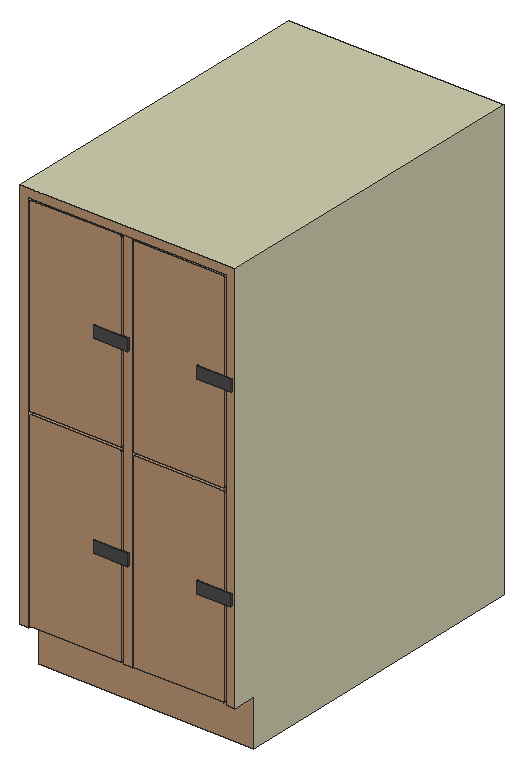
Revit family "Cabinet_Wenger_UltraStor_60", category Furniture, Revit 2015
Parameters (values of type "UltraStor Cabinet #60 - Comp Wood Doors")
  URL = "https://www.wengercorp.com/"
  Type Comments = ""
  Specification = "http://www.arcat.com/sdspecs/htm04/12_35_83wen.htm"
  Shelf Thickness = 0' - 1 1/8"
  Sales Information = "https://www.wengercorp.com/contact-us.php"
  Revision = "R1_2018-04"
  Rear Panel Thickness = 0' - 0 3/4"
  Product Data = "http://www.arcat.com/arcatcos/cos36/arc36487.html"
  Manufacturer Website = "https://www.wengercorp.com/"
  Manufacturer Phone - Toll Free = "800-4WENGER"
  Manufacturer Phone = "(507) 455-4100"
  Manufacturer Fax = "(507) 455-4258"
  Manufacturer Address = "555 Park Dr., Owatonna, MN 55060"
  Keynote = "12 35 83"
  HasDoors = yes
  Green Building-LEED = "http://www.arcat.com/green/clients/leed_data_36487.html"
  Drawn By = "Sumex Design, Inc. / Robert S. Weygant, CSI, CDT, SCIP"
  Door Width = (Cabinet Width - 0' 2 1/4") / 2  # 0' - 8 1/4"
  Door Style = Door_Base : Solid Door
  Door Material [instance] = Wenger Cherry (Use Cherry Edge Band Only)
  Door Height = (Cabinet Height - 0' 4 3/4") / 2  # 1' - 4 25/32"
  Toe Kick Material [instance] = Wenger Cherry (Use Cherry Edge Band Only)
  RH End Panel [instance] = no
  Model = "#60"
  Manufacturer = "Wenger Corporation"
  LH End Panel [instance] = no
  End Panel Material [instance] = Wenger Cherry (Use Cherry Edge Band Only)
  Edge Banding Material [instance] = Wenger Cherry (Use Cherry Edge Band Only)
  Cost = 0
  Copyright = "© 2018 Arcat Inc."
  Construction Details = "http://www.arcat.com/details/wengerco/wengerco.html?coid=36487"
  Body Material [instance] = Wenger - Oyster
  Description = "Wenger UltraStor Cabinet #60 - Comp Wood Doors"
  Cabinet Width = 1' - 6 3/4"
  Cabinet Height = 3' - 2 5/16"
  Installed Depth = 2' - 5 1/4"
  Cabinet Panel Thickness = 0' - 0 3/4"
  Assembly Code = "E2010200"
Types (14): name | Rear Panel Thickness | HasDoors | Door Width | Door Style | Door Material | Model | Description | Cabinet Width | Installed Depth
  Acoustic Cabinet #60 - No Doors | 0' - 3 1/4" | no | 0' - 8 1/4" | Door_Base : Solid Door | none | "#60A" | "Wenger Acoustic Cabinet #60 - No Doors" | 1' - 6 3/4" | 2' - 7 3/4"
  Narrow Acoustic Cabinet #60 - No Doors | 0' - 3 1/4" | no | 0' - 6 1/4" | Door_Base : Solid Door | none | "#60NA" | "Wenger Narrow Acoustic Cabinet #60 - No Doors" | 1' - 2 3/4" | 2' - 7 3/4"
  Acoustic Cabinet #60 - Comp Grille Doors | 0' - 3 1/4" | yes | 0' - 8 1/4" | Door_Base : Bars | Painted Black | "#60A" | "Wenger Acoustic Cabinet #60 - Comp Grille Doors" | 1' - 6 3/4" | 2' - 7 3/4"
  Narrow Acoustic Cabinet #60 - Comp Waterfall Grille Doors | 0' - 3 1/4" | yes | 0' - 6 1/4" | Door_Base : Waterfall | Painted Black | "#60NA" | "Wenger Narrow Acoustic Cabinet #60 - Comp Waterfall Grille Doors" | 1' - 2 3/4" | 2' - 7 3/4"
  Narrow Acoustic Cabinet #60 - Comp Grille Doors | 0' - 3 1/4" | yes | 0' - 6 1/4" | Door_Base : Bars | Painted Black | "#60NA" | "Wenger Narrow Acoustic Cabinet #60 - Comp Grille Doors" | 1' - 2 3/4" | 2' - 7 3/4"
  Acoustic Cabinet #60 - Comp Waterfall Grille Doors | 0' - 3 1/4" | yes | 0' - 8 1/4" | Door_Base : Waterfall | Painted Black | "#60A" | "Wenger Acoustic Cabinet #60 - Comp Waterfall Grille Doors" | 1' - 6 3/4" | 2' - 7 3/4"
  Narrow UltraStor Cabinet #60 - Comp Grille Doors | 0' - 0 3/4" | yes | 0' - 6 1/4" | Door_Base : Bars | Painted Black | "#60N" | "Wenger Narrow Cabinet #60 - Comp Grille Doors" | 1' - 2 3/4" | 2' - 5 1/4"
  UltraStor Cabinet #60 - Comp Grille Doors | 0' - 0 3/4" | yes | 0' - 8 1/4" | Door_Base : Bars | Painted Black | "#60" | "Wenger UltraStor Cabinet #60 - Comp Grille Doors" | 1' - 6 3/4" | 2' - 5 1/4"
  Narrow UltraStor Cabinet #60 - Comp Wood Doors | 0' - 0 3/4" | yes | 0' - 6 1/4" | Door_Base : Solid Door | Wenger Cherry (Use Cherry Edge Band Only) | "#60N" | "Wenger Narrow Cabinet #60 - Comp Wood Doors" | 1' - 2 3/4" | 2' - 5 1/4"
  UltraStor Cabinet #60 - Comp Waterfall Grille Doors | 0' - 0 3/4" | yes | 0' - 8 1/4" | Door_Base : Waterfall | Painted Black | "#60" | "Wenger UltraStor Cabinet #60 - Comp Waterfall Grille Doors" | 1' - 6 3/4" | 2' - 5 1/4"
  UltraStor Cabinet #60 - No Doors | 0' - 0 3/4" | no | 0' - 8 1/4" | Door_Base : Solid Door | none | "#60" | "Wenger UltraStor Cabinet #60 - No Doors" | 1' - 6 3/4" | 2' - 5 1/4"
  UltraStor Cabinet #60 - Comp Wood Doors | 0' - 0 3/4" | yes | 0' - 8 1/4" | Door_Base : Solid Door | Wenger Cherry (Use Cherry Edge Band Only) | "#60" | "Wenger UltraStor Cabinet #60 - Comp Wood Doors" | 1' - 6 3/4" | 2' - 5 1/4"
  Narrow UltraStor Cabinet #60 - Comp Waterfall Grille Doors | 0' - 0 3/4" | yes | 0' - 6 1/4" | Door_Base : Waterfall | Painted Black | "#60N" | "Wenger Narrow Cabinet #60 - Comp Waterfall Grille Doors" | 1' - 2 3/4" | 2' - 5 1/4"
  Narrow UltraStor Cabinet #60 - No Doors | 0' - 0 3/4" | no | 0' - 6 1/4" | Door_Base : Solid Door | none | "#60N" | "Wenger Narrow Cabinet #60 - No Doors" | 1' - 2 3/4" | 2' - 5 1/4"
Reference planes (in)
  plane 1 "Front": y = 0
  plane 2: z = 0
  plane 3 "Left": x = 0
  plane 4 "Right": x = 18.75
  plane 5 "Back": y = 29.25
  plane 6 "Top": z = 38.3125
  plane 7: z = 4
  plane 8: z = 20.78125
  plane 9: x = 0.75
  plane 10: x = 18
  plane 11: z = 37.5625
  plane 12: x = 9
  plane 13: x = 9.75
  plane 14: y = 28.5
  plane 15: y = 2
  plane 16: y = 0.75
  plane 17: z = 21.90625
  plane 18: z = 5.125
Forms (in)
  Extrusion 1, solid, material "Wenger - Oyster" <- "Body Material"
    sketch origin (0, 0, 0) x (0, 1, 0) y (0, 0, 1)
      loop
        line (0, 38.3125) -> (0, 4) -> (2, 4) -> (2, 0) -> (29.25, 0) -> (29.25, 38.3125) -> (0, 38.3125)
    from 0 to 18.75
  Extrusion 2, void
    sketch origin (0, 0, 0) x (0, 1, 0) y (0, 0, 1)
      loop
        line (-5.5, 37.5625) -> (-5.5, 4) -> (0.75, 4)
        arc (0.75, 4) -> (1.15915, 4.80234) -> (2, 5.125) r 1.25694
        line (2, 5.125) -> (28.5, 5.125) -> (28.5, 20.78125) -> (0.75, 20.78125)
        arc (0.75, 20.78125) -> (1.18296, 21.55713) -> (2, 21.90625) r 1.375
        line (2, 21.90625) -> (28.5, 21.90625) -> (28.5, 37.5625) -> (-5.5, 37.5625)
    from 0.75 to 9
  Extrusion 3, void
    sketch origin (0, 0, 0) x (0, 1, 0) y (0, 0, 1)
      loop
        line (-5.5, 37.5625) -> (-5.5, 4) -> (0.75, 4)
        arc (0.75, 4) -> (1.18296, 4.77588) -> (2, 5.125) r 1.375
        line (2, 5.125) -> (28.5, 5.125) -> (28.5, 20.78125) -> (0.75, 20.78125)
        arc (0.75, 20.78125) -> (1.18296, 21.55713) -> (2, 21.90625) r 1.375
        line (2, 21.90625) -> (28.5, 21.90625) -> (28.5, 37.5625) -> (-5.5, 37.5625)
    from 9.75 to 18
  Extrusion 4, void
    sketch origin (0, 0, 0) x (0, 1, 0) y (0, 0, 1)
      loop
        line (0, 37.5625) -> (0, 4) -> (0.0625, 4) -> (0.0625, 37.5625) -> (0, 37.5625)
    from 0.75 to 18
Cuts and joins
  Extrusion 2, Extrusion 3, Extrusion 4 cuts Extrusion 1
Lines and regions (in)
  Masking region 1
    outline origin (0, 0, 0) x (1, 0, 0) y (0, 1, 0)
      loop
        line (0, 29.25) -> (0, 0) -> (18.75, 0) -> (18.75, 29.25) -> (0, 29.25)
Dimensions and locks (in)
  "Cabinet Panel Thickness": plane 3 "Left" to plane 9
  "Cabinet Panel Thickness": plane 10 to plane 4 "Right"
  "Cabinet Panel Thickness": plane 5 "Back" to plane 14
  locked: plane 1 "Front" to plane 16 at 0.75
  locked: plane 1 "Front" to plane 15 at 2
  "Shelf Thickness": plane 17 to plane 8
  "Cabinet Panel Thickness": plane 6 "Top" to plane 11
  equal spacing: plane 11, plane 8, plane 7
  "Shelf Thickness": plane 18 to plane 7
  "Cabinet Width": plane 3 "Left" to plane 4 "Right"
  locked: plane 7 to level at 4
  "Cabinet Height": plane 6 "Top" to level
  "Installed Depth": plane 1 "Front" to plane 5 "Back"
  "Door Width": plane 12 to plane 9
  "Door Width": plane 10 to plane 13
  plane 3 "Left" to plane 4 "Right" = 1' - 6 3/4"
  equal spacing: plane 5 "Back", nested 2, plane 1 "Front"
  equal spacing: plane 12, nested 2, plane 13
  aligned and locked: Extrusion 1 sketch curve to plane 6 "Top"
  aligned and locked: Extrusion 1 sketch curve to plane 5 "Back"
  aligned and locked: Extrusion 1 sketch curve to plane 1 "Front"
  aligned and locked: Extrusion 1 sketch curve to plane 7
  aligned and locked: Extrusion 1 sketch curve to plane 15
  aligned and locked: Extrusion 1 sketch curve to level
  aligned and locked: Extrusion 1 to plane 4 "Right"
  aligned and locked: Extrusion 1 to plane 3 "Left"
  aligned and locked: Extrusion 2 sketch curve to plane 11
  aligned and locked: Extrusion 2 sketch curve to plane 14
  aligned and locked: Extrusion 2 sketch curve to plane 8
  aligned and locked: Extrusion 2 sketch curve to plane 18
  aligned and locked: Extrusion 2 sketch curve to plane 17
  aligned and locked: Extrusion 2 to plane 9
  aligned and locked: plane 12 to Extrusion 2
  aligned and locked: Extrusion 3 to plane 10
  aligned and locked: Extrusion 3 to plane 13
  aligned and locked: Extrusion 4 sketch curve to cut or joined group of Extrusion 1, Extrusion 2, Extrusion 3, Extrusion 4  (x3)
  aligned and locked: Extrusion 4 to plane 10
  aligned and locked: Extrusion 4 to plane 9
  aligned and locked: nested 3 to plane 9
  aligned and locked: plane 12 to nested 3
  aligned and locked: nested 3 to plane 8
  aligned and locked: cut or joined group of Extrusion 1, Extrusion 2, Extrusion 3, Extrusion 4 to plane 13
  aligned and locked: cut or joined group of Extrusion 1, Extrusion 2, Extrusion 3, Extrusion 4 to plane 10
  aligned and locked: nested 4 to plane 8
  aligned and locked: plane 8 to cut or joined group of Extrusion 1, Extrusion 2, Extrusion 3, Extrusion 4
  aligned and locked: nested 6 to plane 10
  aligned and locked: nested 4 to plane 10
  aligned and locked: nested 4 to plane 13
  aligned and locked: nested 6 to plane 13
  aligned and locked: plane 12 to nested 5
  aligned and locked: nested 5 to plane 9
  aligned and locked: plane 7 to cut or joined group of Extrusion 1, Extrusion 2, Extrusion 3, Extrusion 4
  aligned and locked: nested 6 to plane 7
  aligned and locked: nested 5 to plane 7
  aligned and locked: plane 16 to Extrusion 2 sketch curve
  aligned and locked: plane 1 "Front" to nested 7
  aligned and locked: nested 7 to level
  aligned and locked: nested 7 to plane 4 "Right"
  aligned and locked: Masking region 1 sketch curve to plane 5 "Back"
  aligned and locked: Masking region 1 sketch curve to plane 1 "Front"
  aligned and locked: plane 3 "Left" to Masking region 1 sketch curve
  aligned and locked: plane 4 "Right" to Masking region 1 sketch curve
Automatic sketch dimensions
  Extrusion 3 sketch curve to plane 11 = 0' - 0"
  Extrusion 3 sketch curve to plane 7 = 0' - 0"
  Extrusion 3 sketch curve to plane 16 = 0' - 0"  (x2)
  Extrusion 3 sketch curve to plane 8 = 0' - 0"
  Extrusion 3 sketch curve to plane 15 = 0' - 0"  (x2)
  Extrusion 3 sketch curve to plane 14 = 0' - 0"  (x2)
  Extrusion 3 sketch curve to plane 18 = 0' - 0"
  Extrusion 3 sketch curve to plane 17 = 0' - 0"
  plane 1 "Front" to Extrusion 3 sketch curve = 0' - 5 1/2"
  Extrusion 3 sketch curve to plane 15 = 0' - 0.10279"  (x2)
  plane 16 to Extrusion 4 sketch curve = 0' - 0 11/16"
  Extrusion 2 sketch curve to plane 7 = 0' - 0"
  Extrusion 2 sketch curve to plane 15 = 0' - 0"  (x2)
  plane 1 "Front" to Extrusion 2 sketch curve = 0' - 5 1/2"
  Extrusion 2 sketch curve to plane 14 = 0' - 0"
  Extrusion 2 sketch curve to plane 16 = 0' - 0"
  Extrusion 2 sketch curve to plane 15 = 0' - 0.10279"
Nested families (in)
  nested 1: "End Panel" at (0, 14.25, 0) x (0, -1, 0) z (0, 0, 1), End Panel Material <- "End Panel Material", visible <- "LH End Panel", Edge Banding Material <- "Edge Banding Material", type "End Panel"
    with End Panel Material Wenger Cherry (Use Cherry Edge Band Only), Edge Banding Material Wenger Cherry (Use Cherry Edge Band Only), End Panel Height 3' - 2 5/16", End Panel Depth 2' - 5 1/4"
  nested 2: "Labels" at (9.375, 14.625, 0), type "Labels"
  nested 3: "Door_Base" at (4.875, 0, 20.78125) x (1, 0, 0) z (0, -1, 0), type <- "Door Style", Height <- "Door Height", Width <- "Door Width", visible <- "HasDoors", type "Solid Door", detail levels medium+fine
    with vBars 6, Width 0' - 8 1/4", ToeKick Height 0' - 4", MidBar no, Height 1' - 4 25/32", BarHt 1' - 4 9/32", 2HzBars no
  nested 4: "Door_Base" at (13.875, 0, 20.78125) x (1, 0, 0) z (0, -1, 0), type <- "Door Style", Height <- "Door Height", Width <- "Door Width", visible <- "HasDoors", type "Solid Door", detail levels medium+fine
    with vBars 6, Width 0' - 8 1/4", ToeKick Height 0' - 4", MidBar no, Height 1' - 4 25/32", BarHt 1' - 4 9/32", 2HzBars no
  nested 5: "Door_Base" at (4.875, 0, 4) x (1, 0, 0) z (0, -1, 0), type <- "Door Style", Height <- "Door Height", Width <- "Door Width", visible <- "HasDoors", type "Solid Door", detail levels medium+fine
    with vBars 6, Width 0' - 8 1/4", ToeKick Height 0' - 4", MidBar no, Height 1' - 4 25/32", BarHt 1' - 4 9/32", 2HzBars no
  nested 6: "Door_Base" at (13.875, 0, 4) x (1, 0, 0) z (0, -1, 0), type <- "Door Style", Height <- "Door Height", Width <- "Door Width", visible <- "HasDoors", type "Solid Door", detail levels medium+fine
    with vBars 6, Width 0' - 8 1/4", ToeKick Height 0' - 4", MidBar no, Height 1' - 4 25/32", BarHt 1' - 4 9/32", 2HzBars no
  nested 7: "End Panel" at (19.5, 14.25, 0) x (0, -1, 0) z (0, 0, 1), End Panel Material <- "End Panel Material", Edge Banding Material <- "Edge Banding Material", visible <- "RH End Panel", type "End Panel"
    with End Panel Material Wenger Cherry (Use Cherry Edge Band Only), Edge Banding Material Wenger Cherry (Use Cherry Edge Band Only), End Panel Height 3' - 2 5/16", End Panel Depth 2' - 5 1/4"
Definition of nested family "End Panel"
  Parameters (values of type "End Panel")
    End Panel Material [instance] = none
    End Panel Height = 7' - 1 5/8"
    End Panel Depth = 1' - 9 3/4"
    Edge Banding Material [instance] = none
    Default Elevation = 4' - 0"
    Assembly Code = ""
  Reference planes (in)
    plane 1 "Center (Front/Back)": y = 0
    plane 2: z = 0
    plane 3 "Center (Left/Right)": x = 0
    plane 4: x = -15
    plane 5: x = 6.75
    plane 6: z = 4
    plane 7: x = 4.75
    plane 8: z = 85.625
    plane 9: y = -0.75
  Forms (in)
    Extrusion 1, solid, material <- "End Panel Material"
      sketch origin (0, 0, 0) x (1, 0, 0) y (0, 0, 1)
        loop
          line (-15, 85.625) -> (-15, 0) -> (4.75, 0) -> (4.75, 4) -> (6.75, 4) -> (6.75, 85.625) -> (-15, 85.625)
      from 0 to 0.75
  Lines and regions (in)
    Masking region 1, detail levels coarse+medium
      outline origin (0, 0, 0) x (1, 0, 0) y (0, 1, 0)
        loop
          line (-15, 0) -> (-15, -0.75) -> (6.75, -0.75) -> (6.75, 0) -> (-15, 0)
  Dimensions and locks (in)
    locked: plane 7 to plane 5 at 2
    locked: plane 6 to level at 4
    "End Panel Height": plane 8 to level
    "End Panel Depth": plane 5 to plane 4
    locked: plane 9 to plane 1 "Center (Front/Back)" at 0.75
    aligned and locked: plane 4 to Extrusion 1 sketch curve
    aligned and locked: level to Extrusion 1 sketch curve
    aligned and locked: plane 7 to Extrusion 1 sketch curve
    aligned and locked: plane 6 to Extrusion 1 sketch curve
    aligned and locked: Extrusion 1 sketch curve to plane 5
    aligned and locked: Extrusion 1 sketch curve to plane 8
    aligned and locked: Extrusion 1 to plane 9
    aligned and locked: Extrusion 1 to plane 1 "Center (Front/Back)"
    aligned and locked: plane 4 to Masking region 1 sketch curve
    aligned and locked: Masking region 1 sketch curve to plane 5
    aligned and locked: plane 1 "Center (Front/Back)" to Masking region 1 sketch curve
    aligned and locked: plane 9 to Masking region 1 sketch curve
Definition of nested family "Door_Base"
  Parameters (values of type "None")
    vBars [instance] = (Width - 0' 2") / 0' 1"  # 6
    Width [instance] = 0' - 8"
    ToeKick Height [instance] = 0' - 4"
    Thickness = 0' - 0 3/4"
    Solid Door = no
    Shelf Thickness = 0' - 0 3/4"
    Panel Thickness = 0' - 0 3/4"
    MidBar [instance] = and(Height < 1' 6", HasDoor, not(Solid Door))  # no
    Height [instance] = 1' - 2 5/8"
    HasDoor = no
    Edge Banding = none
    DoorGap = 0' - 0 1/8"
    Door Finish = none
    Depth = 2' - 0"
    Default Elevation = 4' - 0"
    Bars = no
    BarStyle = Bars : Waterfall
    BarHt [instance] = Height - 0' 0 1/2"  # 1' - 2 1/8"
    2HzBars [instance] = and(Height > 1' 6", not(Solid Door))  # no
  Types (4): name | Thickness | Solid Door | MidBar | HasDoor | Bars | BarStyle
    Solid Door | 0' - 0 3/4" | yes | no | yes | no | Bars : Waterfall
    Bars | 0' - 0 1/4" | no | yes | yes | yes | Bars : Straight
    Waterfall | 0' - 0 3/4" | no | yes | yes | yes | Bars : Waterfall
    None | 0' - 0 3/4" | no | no | no | no | Bars : Waterfall
  Reference planes (in)
    plane 1 "Center (Front/Back)": y = 0
    plane 2: z = 0
    plane 3 "Center (Left/Right)": x = 0
    plane 4: x = -4
    plane 5: y = 14.625
    plane 6: x = 4
    plane 7: z = -0.75
    plane 8: x = -3.875
    plane 9: x = 3.875
    plane 10: y = 0.125
    plane 11: y = 14.5
    plane 12: y = -0.75
    plane 13 "CL Elev": y = 7.3125
    plane 14: x = -3.75
    plane 15: x = 3.75
    plane 16 "BtmRail": y = 0.25
    plane 17: y = 14.375
    plane 18: z = -0.125
    plane 19: x = -2.75
    plane 20: x = 2.75
    plane 21: y = 9.66667
    plane 22: y = 4.95833
  Forms (in)
    Extrusion 1, solid, material <- "Door Finish", visible <- "Solid Door", detail levels medium+fine
      sketch origin (0, 0, 0) x (1, 0, 0) y (0, 1, 0)
        loop
          arc (-3.75, 14.5) -> (-3.83839, 14.46339) -> (-3.875, 14.375) r 0.125
          line (-3.875, 14.375) -> (-3.875, 0.25)
          arc (-3.875, 0.25) -> (-3.83839, 0.16161) -> (-3.75, 0.125) r 0.125
          line (-3.75, 0.125) -> (3.75, 0.125)
          arc (3.75, 0.125) -> (3.83839, 0.16161) -> (3.875, 0.25) r 0.125
          line (3.875, 0.25) -> (3.875, 14.375)
          arc (3.875, 14.375) -> (3.83839, 14.46339) -> (3.75, 14.5) r 0.125
          line (3.75, 14.5) -> (-3.75, 14.5)
      from 0 to -0.75
    Sweep 2, solid, material <- "Door Finish", visible <- "Bars", detail levels medium+fine
      path origin (0, 0, 0) x (1, 0, 0) y (0, 1, 0)
        loop
          arc (-3.125, 14.5) -> (-3.65533, 14.28033) -> (-3.875, 13.75) r 0.75
          line (-3.875, 13.75) -> (-3.875, 0.875)
          arc (-3.875, 0.875) -> (-3.65533, 0.34467) -> (-3.125, 0.125) r 0.75
          line (-3.125, 0.125) -> (3.125, 0.125)
          arc (3.125, 0.125) -> (3.65533, 0.34467) -> (3.875, 0.875) r 0.75
          line (3.875, 0.875) -> (3.875, 13.75)
          arc (3.875, 13.75) -> (3.65533, 14.28033) -> (3.125, 14.5) r 0.75
          line (3.125, 14.5) -> (-3.125, 14.5)
      profile origin (0, 14.5, 0) x (0, 1, 0) y (0, 0, 1)
        loop
          circle (-0.125, -0.125) r 0.125
    Extrusion 3, solid, material <- "Door Finish", visible <- "MidBar", detail levels medium+fine
      sketch origin (0, 0, 0) x (0, 1, 0) y (0, 0, 1)
        loop
          circle (7.3125, -0.125) r 0.125
      from -3.75 to 3.75
    Extrusion 4, solid, visible <- "HasDoor", detail levels fine
      sketch origin (0, 0, 0) x (1, 0, 0) y (0, 1, 0)
        loop
          line (1.5, 7.8125) -> (1.5, 6.8125) -> (4.5, 6.8125) -> (4.5, 7.8125) -> (1.5, 7.8125)
      from 0 to 0.125
    Extrusion 5, solid, material <- "Door Finish", visible <- "2HzBars", detail levels medium+fine
      sketch origin (0, 0, 0) x (0, 1, 0) y (0, 0, 1)
        loop
          circle (9.66667, -0.125) r 0.125
        loop
          circle (4.95833, -0.125) r 0.125
      from -3.75 to 3.75
  Lines and regions (in)
    symbolic lines, visible <- "HasDoor", detail levels medium+fine
      curve 1: line (4, 0.25, 0) -> (-4, 0.25, 0)
      curve 2: line (-4, 0.25, 0) -> (-4, 0.25, 8)
      curve 3: arc (4, 0.25, 0) -> (1.65685, 0.25, 5.65685) -> (-4, 0.25, 8) r 8
    symbolic lines, visible <- "HasDoor"
      curve 4: line (3.875, 0.25, 0) -> (3.875, 0.25, -0.75)
      curve 5: line (3.875, 0.25, -0.75) -> (-3.875, 0.25, -0.75)
      curve 6: line (-3.875, 0.25, -0.75) -> (-3.875, 0.25, 0)
    symbolic lines, detail levels medium
      curve 7: line (3.875, 14.5, 0) -> (-3.875, 7.3125, 0)
      curve 8: line (-3.875, 7.3125, 0) -> (3.875, 0.125, 0)
  Dimensions and locks (in)
    "Height": plane 1 "Center (Front/Back)" to plane 5
    "Thickness": level to plane 7
    equal spacing: plane 4, plane 3 "Center (Left/Right)", plane 6
    "Width": plane 4 to plane 6
    "DoorGap": plane 5 to plane 11
    "DoorGap": plane 9 to plane 6
    "DoorGap": plane 4 to plane 8
    "DoorGap": plane 1 "Center (Front/Back)" to plane 10
    "Shelf Thickness": plane 1 "Center (Front/Back)" to plane 12
    equal spacing: plane 1 "Center (Front/Back)", plane 13 "CL Elev", plane 5
    locked: plane 15 to plane 9 at 0.125
    locked: plane 8 to plane 14 at 0.125
    locked: plane 11 to plane 17 at 0.125
    locked: plane 16 "BtmRail" to plane 10 at 0.125
    locked: level to plane 18 at 0.125
    plane 19 to plane 14 = 0' - 1"
    locked: plane 15 to plane 20 at 1
    Extrusion 4 sketch curve to plane 13 "CL Elev" to Extrusion 4 sketch curve = 0' - 0 1/2" locked, 0' - 0 1/2" locked
    locked: plane 6 to Extrusion 4 sketch curve at 0.5
    locked: Extrusion 4 sketch curve to plane 6 at 2.5
    locked: Extrusion 4 to level at 0.125
    equal spacing: group 1, group 3, group 4, group 5, group 6, group 2  (x3)
    equal spacing: plane 17, plane 21, plane 22, plane 16 "BtmRail"
    "Width": radius of curve 3
    aligned and locked: plane 2 to level
    aligned and locked: Extrusion 1 sketch curve to plane 11
    aligned and locked: plane 8 to Extrusion 1 sketch curve
    aligned and locked: Extrusion 1 sketch curve to plane 9
    aligned and locked: plane 10 to Extrusion 1 sketch curve
    aligned and locked: Extrusion 1 to plane 7
    aligned and locked: level to Extrusion 1
    aligned and locked: Sweep 2 sketch curve to plane 11
    aligned and locked: plane 8 to Sweep 2 sketch curve
    aligned and locked: plane 10 to Sweep 2 sketch curve
    aligned and locked: Sweep 2 sketch curve to plane 9
    aligned and locked: plane 15 to Extrusion 3
    aligned and locked: Extrusion 3 to plane 14
    aligned and locked: plane 20 to nested 2
    aligned and locked: plane 19 to nested 1
    aligned and locked: plane 21 to Extrusion 5 sketch curve
    aligned and locked: plane 18 to Extrusion 5 sketch curve  (x2)
    aligned and locked: plane 22 to Extrusion 5 sketch curve
    aligned and locked: Extrusion 5 to Extrusion 3  (x2)
    aligned and locked: plane 4 to curve 3  (x2)
    aligned and locked: level to curve 3
    aligned and locked: plane 7 to curve 5
    aligned and locked: Extrusion 1 to plane 8
    aligned and locked: plane 9 to Extrusion 1
    aligned and locked: plane 10 to curve 8
    aligned and locked: plane 9 to curve 8
    aligned and locked: plane 13 "CL Elev" to curve 8
    aligned and locked: plane 11 to curve 7
    aligned and locked: plane 9 to curve 7
  Automatic sketch dimensions
    plane 8 to Sweep 2 sketch curve = 0' - 0 3/4"  (x2)
    Sweep 2 sketch curve to plane 9 = 0' - 0 3/4"
    Sweep 2 sketch curve to Sweep 2 sketch curve = 0' - 0 3/4"
    Sweep 2 sketch curve to level = 0' - 0 1/8"
    profile plane to Sweep 2 sketch curve = 0' - 0 1/8"
    Extrusion 3 sketch curve to level = 0' - 0 1/8"
    Extrusion 3 sketch curve to plane 13 "CL Elev" = 0' - 0"
    curve 8 to plane 8 = 0' - 0"
    Extrusion 1 sketch curve to plane 14 = 0' - 0"  (x2)
    Extrusion 1 sketch curve to plane 15 = 0' - 0"  (x2)
    curve 5 to plane 9 = 0' - 0"
    curve 6 to plane 8 = 0' - 0"
    radius of Sweep 2 sketch curve = 0' - 0 1/8"
    radius of Extrusion 3 sketch curve = 0' - 0 1/8"
    radius of Extrusion 5 sketch curve = 0' - 0 1/8"  (x2)
  Nested families (in)
    nested 1: "Bars" at (-2.75, 0.25, -0.125) x (1, 0, 0) z (0, 1, 0), type <- "BarStyle", visible <- "Bars", type "Waterfall", detail levels fine
      with Lateral Deviation 0' - 1", Height 1' - 2 1/8"
    nested 2: "Bars" at (2.75, 0.25, -0.125) x (1, 0, 0) z (0, 1, 0), type <- "BarStyle", visible <- "Bars", type "Waterfall", detail levels fine
      with Lateral Deviation 0' - 1", Height 1' - 2 1/8"
    nested 3: "Bars" at (-1.65, 0.25, -0.125) x (1, 0, 0) z (0, 1, 0), type <- "BarStyle", visible <- "Bars", type "Waterfall", detail levels fine
      with Lateral Deviation 0' - 1", Height 1' - 2 1/8"
    nested 4: "Bars" at (-0.55, 0.25, -0.125) x (1, 0, 0) z (0, 1, 0), type <- "BarStyle", visible <- "Bars", type "Waterfall", detail levels fine
      with Lateral Deviation 0' - 1", Height 1' - 2 1/8"
    nested 5: "Bars" at (0.55, 0.25, -0.125) x (1, 0, 0) z (0, 1, 0), type <- "BarStyle", visible <- "Bars", type "Waterfall", detail levels fine
      with Lateral Deviation 0' - 1", Height 1' - 2 1/8"
    nested 6: "Bars" at (1.65, 0.25, -0.125) x (1, 0, 0) z (0, 1, 0), type <- "BarStyle", visible <- "Bars", type "Waterfall", detail levels fine
      with Lateral Deviation 0' - 1", Height 1' - 2 1/8"
  Definition of nested family "Bars"
    Parameters (values of type "Straight")
      WaterFall = no
      Straight = yes
      Lateral Deviation = 0' - 1 1/2"
      Height = 1' - 2 5/8"
      Default Elevation = 4' - 0"
      Bars = none
    Types (3): name | WaterFall | Straight
      (no name) | no | yes
      Waterfall | yes | no
      Straight | no | yes
    Reference planes (in)
      plane 1 "Center (Front/Back)": y = 0
      plane 2: z = 0
      plane 3 "Center (Left/Right)": x = 0
      plane 4: z = 14.625
      plane 5: z = 7.3125
      plane 6: x = 0.75
      plane 7: x = -0.75
      plane 8: z = 10.96875
      plane 9: z = 3.65625
    Forms (in)
      Sweep 1, solid, material <- "Bars", visible <- "WaterFall"
        path origin (0, 0, 0) x (1, 0, 0) y (0, 0, 1)
          loop
            arc (0, 0) -> (0.56057, 1.79006) -> (0.75, 3.65625) r 9.28711
            arc (0.75, 3.65625) -> (0.56057, 5.52244) -> (0, 7.3125) r 9.28711
        profile origin (0.56057, 0, 1.79006) x (-0.979603, 0, 0.200944) y (0, -1, 0)
          loop
            circle (0, 0) r 0.0625
      Sweep 2, solid, material <- "Bars", visible <- "WaterFall"
        path origin (0, 0, 14.625) x (-1, 0, 0) y (0, 0, -1)
          loop
            arc (0, 0) -> (0.56057, 1.79006) -> (0.75, 3.65625) r 9.28711
            arc (0.75, 3.65625) -> (0.56057, 5.52244) -> (0, 7.3125) r 9.28711
        profile origin (-0.56057, 0, 12.83494) x (0.979603, 0, -0.200944) y (0, -1, 0)
          loop
            circle (0, 0) r 0.0625
      Extrusion 3, solid, material <- "Bars", visible <- "Straight"
        sketch origin (0, 0, 0) x (1, 0, 0) y (0, 1, 0)
          loop
            circle (0, 0) r 0.0625
        from 0 to 14.625
    Dimensions and locks (in)
      "Height": plane 4 to level
      equal spacing: plane 6, plane 3 "Center (Left/Right)", plane 7
      "Lateral Deviation": plane 6 to plane 7
      equal spacing: plane 4, plane 8, plane 5, plane 9, level
      aligned and locked: plane 2 to level
      aligned and locked: plane 3 "Center (Left/Right)" to Sweep 1 sketch curve  (x2)
      aligned and locked: level to Sweep 1 sketch curve
      aligned and locked: plane 6 to Sweep 1 sketch curve
      aligned and locked: plane 9 to Sweep 1 sketch curve
      aligned and locked: plane 4 to Sweep 2 sketch curve
      aligned and locked: plane 3 "Center (Left/Right)" to Sweep 2 sketch curve  (x2)
      aligned and locked: plane 8 to Sweep 2 sketch curve
      aligned and locked: plane 7 to Sweep 2 sketch curve
      aligned and locked: plane 5 to Sweep 2 sketch curve
      aligned and locked: plane 4 to Extrusion 3
      aligned and locked: Extrusion 3 to level
    Automatic sketch dimensions
      plane 1 "Center (Front/Back)" to Sweep 1 sketch curve = 0' - 0"
      Sweep 1 sketch curve to profile plane = 0' - 0"
      Sweep 1 sketch curve to Sweep 1 sketch curve = 0' - 0"
      Sweep 2 sketch curve to plane 1 "Center (Front/Back)" = 0' - 0"
      Sweep 2 sketch curve to profile plane = 0' - 0"
      plane 1 "Center (Front/Back)" to Extrusion 3 sketch curve = 0' - 0"
      Extrusion 3 sketch curve to plane 3 "Center (Left/Right)" = 0' - 0"
      radius of Sweep 1 sketch curve = 0' - 0 1/16"
      radius of Sweep 2 sketch curve = 0' - 0 1/16"
      radius of Extrusion 3 sketch curve = 0' - 0 1/16"
Definition of nested family "Labels"
  Parameters
    Cabinet Label = "01"
  Reference planes (in)
    plane 1: y = 0
    plane 2: x = 0
  Text (in)
    label "xxxx" at (-0.00018, 0.00754, 0), shows "Cabinet Label"
